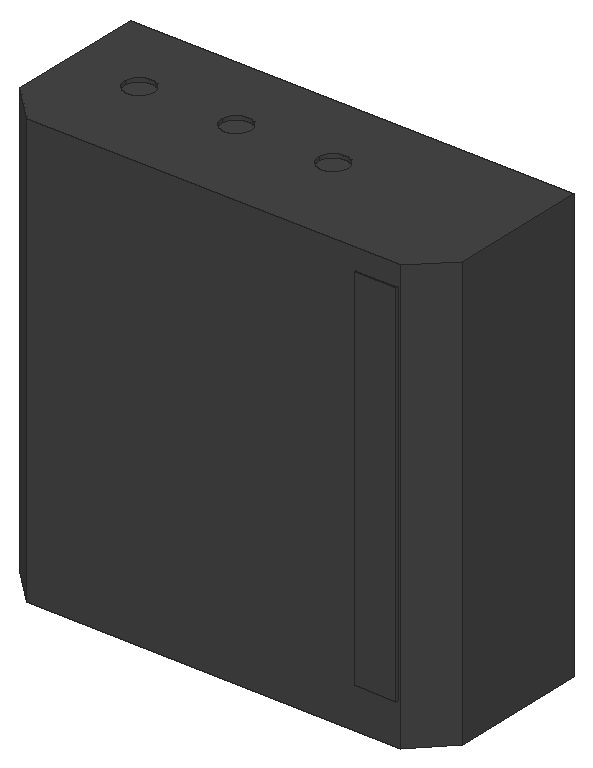
Revit family "SP4184_Revit", category Mechanical Equipment, Revit 2014
Parameters (values of type "Standard")
  d67 = 0' - 0"
  d25 = 0' - 0 1/4"
  d23 = 0' - 0 1/4"
  URL = "www.neptronic.com"
  Part Number = "SP4184_Revit"
  Model = "SK340, SK360"
  Manufacturer = "Neptronic"
  Designer = "Antoine"
  Design Status = 1
  Description = "Electric Resistive Humidifier"
  Date Created = "2014-06-26 07:57:10"
  Connector_6_Diameter = 0' - 0"
  Connector_5_Diameter = 0' - 0"
  Connector_4_Diameter = 0' - 0"
  Connector_3_Diameter = 0' - 0"
  Connector_2_Diameter = 0' - 0"
  Connector_1_Diameter = 0' - 0"
  Author = "Antoine"
Reference planes (in)
  plane 1 "Center (Front/Back)": y = 0
  plane 2: z = 0
  plane 3 "Center (Left/Right)": x = 0
  plane 4: z = 31.25
  plane 5: z = 31.25
  plane 6: z = 31
  plane 7: z = 0
  plane 8: z = 0.25
Forms (in)
  Sweep 1, solid
    path in 3D
      loop
        line (-2.49255, 2.49255, 31.25) -> (-2.49255, 2.49255, 0)
    profile origin (-2.49255, 2.49255, 31.25) x (0, -1, 0) y (1, 0, 0)
      loop
        line (-10.00745, 0) -> (0, 0) -> (2.49255, 2.49255) -> (2.49255, 29.50745) -> (0, 32) -> (-10.00745, 32) -> (-10.00745, 0)
  Extrusion 2, void
    sketch origin (0, 0, 31.25) x (-1, 0, 0) y (0, -1, 0)
      loop
        circle (-16.69545, -6.812) r 1.0625
      loop
        circle (-9.69545, -6.812) r 1.0625
      loop
        circle (-2.69545, -6.812) r 1.0625
    from 0 to -0.25
  Extrusion 3, void
    sketch origin (0, 0, 0) x (0, 1, 0) y (1, 0, 0)
      loop
        circle (6.937, 26.88245) r 0.4375
      loop
        circle (10.5, 20.6387) r 0.25
      loop
        circle (2.75, 1.63245) r 0.375
      loop
        circle (4.312, 26.88245) r 0.4375
      loop
        circle (10.5, 22.3887) r 0.375
    from 0 to -0.25
  Extrusion 4, solid
    sketch origin (0, 0, 31.25) x (0, 0, -1) y (1, 0, 0)
      loop
        line (28.25, 26.7649) -> (1.5, 26.7649) -> (1.5, 23.7649) -> (28.25, 23.7649) -> (28.25, 26.7649)
    from 0 to 0.125
Cuts and joins
  Extrusion 2, Extrusion 3 cuts Sweep 1
  joined: Sweep 1, Extrusion 4
Lines and regions (in)
  reference lines
    curve 1: line (-2.49255, 12.5, 31.25) -> (-2.49255, 2.49255, 31.25)
    curve 2: line (-2.49255, 2.49255, 31.25) -> (0, 0, 31.25)
    curve 3: line (0, 0, 31.25) -> (27.0149, 0, 31.25)
    curve 4: line (27.0149, 0, 31.25) -> (29.50745, 2.49255, 31.25)
    curve 5: line (29.50745, 2.49255, 31.25) -> (29.50745, 12.5, 31.25)
    curve 6: line (29.50745, 12.5, 31.25) -> (-2.49255, 12.5, 31.25)
    curve 7: line (-2.49255, 2.49255, 31.25) -> (-2.49255, 2.49255, 0)
    curve 8: line (-2.49255, 2.49255, 31.25) -> (-2.49255, 2.49255, 0)
    curve 10: circle (16.69545, 6.812, 31.25) r 1.0625 normal (0, 0, 1)
    curve 11: circle (9.69545, 6.812, 31.25) r 1.0625 normal (0, 0, 1)
    curve 12: circle (2.69545, 6.812, 31.25) r 1.0625 normal (0, 0, 1)
    curve 13: circle (26.88245, 6.937, 0) r 0.4375 normal (0, 0, -1)
    curve 14: circle (20.6387, 10.5, 0) r 0.25 normal (0, 0, -1)
    curve 15: circle (1.63245, 2.75, 0) r 0.375 normal (0, 0, -1)
    curve 16: circle (26.88245, 4.312, 0) r 0.4375 normal (0, 0, -1)
    curve 17: circle (22.3887, 10.5, 0) r 0.375 normal (0, 0, -1)
    curve 18: line (26.7649, 0, 3) -> (23.7649, 0, 3)
    curve 19: line (23.7649, 0, 3) -> (23.7649, 0, 29.75)
    curve 20: line (26.7649, 0, 29.75) -> (23.7649, 0, 29.75)
    curve 21: line (26.7649, 0, 29.75) -> (26.7649, 0, 3)
  sketch lines
    curve 9: line (-2.49255, 2.49255, 31.25) -> (-2.49255, 2.49255, 0)
Dimensions and locks (in)
  "d23": plane 6 to plane 5
  "d25": plane 8 to plane 7
  aligned and locked: plane 2 to level
  aligned and locked: Sweep 1 sketch curve to curve 1
  aligned and locked: Sweep 1 sketch curve to curve 2
  aligned and locked: Sweep 1 sketch curve to curve 3
  aligned and locked: Sweep 1 sketch curve to curve 4
  aligned and locked: Sweep 1 sketch curve to curve 5
  aligned and locked: Sweep 1 sketch curve to curve 6
  aligned and locked: curve 9 to curve 7
  aligned and locked: plane 6 to Extrusion 2
  aligned and locked: Extrusion 2 to plane 5
  aligned and locked: Extrusion 2 sketch curve to curve 10  (x2)
  aligned and locked: Extrusion 2 sketch curve to curve 11  (x2)
  aligned and locked: Extrusion 2 sketch curve to curve 12  (x2)
  aligned and locked: Extrusion 3 to plane 8
  aligned and locked: plane 7 to Extrusion 3
  aligned and locked: Extrusion 3 sketch curve to curve 13  (x2)
  aligned and locked: Extrusion 3 sketch curve to curve 14  (x2)
  aligned and locked: Extrusion 3 sketch curve to curve 15  (x2)
  aligned and locked: Extrusion 3 sketch curve to curve 16  (x2)
  aligned and locked: Extrusion 3 sketch curve to curve 17  (x2)
  aligned and locked: Extrusion 4 sketch curve to curve 18
  aligned and locked: Extrusion 4 sketch curve to curve 19
  aligned and locked: Extrusion 4 sketch curve to curve 20
  aligned and locked: Extrusion 4 sketch curve to curve 21
Connectors (in)
  hvac at (2.69545, 6.812, 31.25), driven by "Connector_1_Diameter"
    settings: on cut or joined group of Sweep 1, Extrusion 2, Extrusion 3, Extrusion 4, index 1, duct flow 0 CFM, flow factor 0, pres drop 0.00 in-wg, loss coef 0, conn angle 0.00°, conn width 12", conn height 12", conn diameter 0", duct sys type 1, conn prof type 0, flow config 1, flow direction 2, loss method 0, conn ref index -1, conn util no, is conn primary yes, conn desc "Steam outlet 2 1/8'' (1 of 3)"
  hvac at (9.69545, 6.812, 31.25), driven by "Connector_2_Diameter"
    settings: on cut or joined group of Sweep 1, Extrusion 2, Extrusion 3, Extrusion 4, index 2, duct flow 0 CFM, flow factor 0, pres drop 0.00 in-wg, loss coef 0, conn angle 0.00°, conn width 12", conn height 12", conn diameter 0", duct sys type 1, conn prof type 0, flow config 1, flow direction 2, loss method 0, conn ref index -1, conn util no, is conn primary no, conn desc "Steam Outlet 2 1/8'' (2 of 3)"
  hvac at (16.69545, 6.812, 31.25), driven by "Connector_3_Diameter"
    settings: on cut or joined group of Sweep 1, Extrusion 2, Extrusion 3, Extrusion 4, index 3, duct flow 0 CFM, flow factor 0, pres drop 0.00 in-wg, loss coef 0, conn angle 0.00°, conn width 12", conn height 12", conn diameter 0", duct sys type 1, conn prof type 0, flow config 1, flow direction 2, loss method 0, conn ref index -1, conn util no, is conn primary no, conn desc "Steam Outlet 2 1/8'' (3 of 3)"
  piping at (1.63245, 2.75, 0), driven by "Connector_4_Diameter"
    settings: on cut or joined group of Sweep 1, Extrusion 2, Extrusion 3, Extrusion 4, index 4, connector diameter 0", connector inside diameter 24", connector length 0' - 0", flow factor 0, pipe flow 0 GPM, pressure drop 0.00 psi, fitting loss kfactor 0, connector angle 0.00°, fixture units 0, engagement length 0' - 0", angle of deflection 0.00°, flow configuration 1, flow direction 1, fitting loss method 0, system type 20, joint type 0, gender type 0, connector reference index -1, connector utility 0, adjustable connector no, is connector primary yes, connector description "Water Inlet 3/4'' G"
  piping at (20.6387, 10.5, 0), driven by "Connector_5_Diameter"
    settings: on cut or joined group of Sweep 1, Extrusion 2, Extrusion 3, Extrusion 4, index 5, connector diameter 0", connector inside diameter 24", connector length 0' - 0", flow factor 0, pipe flow 0 GPM, pressure drop 0.00 psi, fitting loss kfactor 0, connector angle 0.00°, fixture units 0, engagement length 0' - 0", angle of deflection 0.00°, flow configuration 1, flow direction 2, fitting loss method 0, system type 16, joint type 0, gender type 0, connector reference index -1, connector utility 0, adjustable connector no, is connector primary no, connector description "Pan drip drain outlet  1/2''"
  piping at (22.3887, 10.5, 0), driven by "Connector_6_Diameter"
    settings: on cut or joined group of Sweep 1, Extrusion 2, Extrusion 3, Extrusion 4, index 6, connector diameter 0", connector inside diameter 24", connector length 0' - 0", flow factor 0, pipe flow 0 GPM, pressure drop 0.00 psi, fitting loss kfactor 0, connector angle 0.00°, fixture units 0, engagement length 0' - 0", angle of deflection 0.00°, flow configuration 1, flow direction 2, fitting loss method 0, system type 16, joint type 0, gender type 0, connector reference index -1, connector utility 0, adjustable connector no, is connector primary no, connector description "Main drain outlet  3/4''"
  electrical at (26.88245, 6.937, 0)
    settings: on cut or joined group of Sweep 1, Extrusion 2, Extrusion 3, Extrusion 4, index 7, voltage 0 V, apparent load 0 VA, apparent load phase1 0 VA, apparent load phase2 0 VA, apparent load phase3 0 VA, power factor 1, load classification "Other", number of poles 1, system type 13, power factor state 1, is connector primary yes, connector utility no, sub classification motor no, connector description "Low voltage control inlet 7/8'' (KO)"
  electrical at (26.88245, 4.312, 0)
    settings: on cut or joined group of Sweep 1, Extrusion 2, Extrusion 3, Extrusion 4, index 8, voltage 0 V, apparent load 0 VA, apparent load phase1 0 VA, apparent load phase2 0 VA, apparent load phase3 0 VA, power factor 0, load classification "Other", number of poles 1, system type 30, power factor state 1, is connector primary no, connector utility no, sub classification motor no, connector description "Power supply 7/8'' (KO)"
